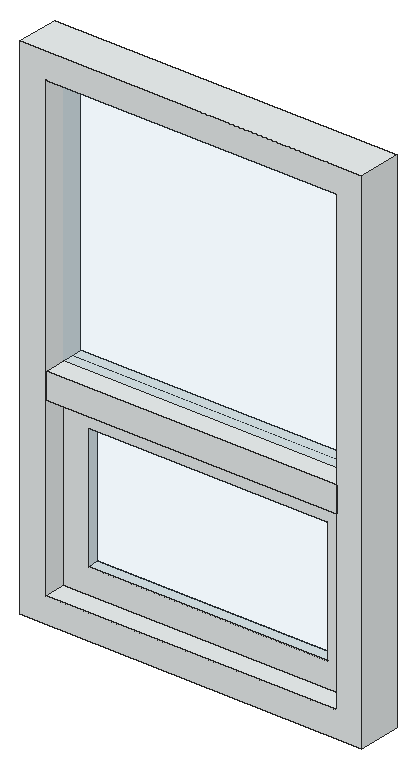
Revit family
Parameters (values of type "AW-2")
  Assembly Code = ""
  Height = 1200 mm
  기본 씰 높이 = 1000 mm
  Wall Closure = (empty or 0)
  Width = 800 mm
Reference planes
  plane 1: y = 0
  plane 2 "중심(왼쪽/오른쪽)": x = 0
  plane 3 "좌측면": x = -400
  plane 4 "우측면": x = 400
  plane 5 "씰": z = 1000
  plane 6 "헤드": z = 2200
  plane 7 "외부": y = 75
  plane 8 "내부": y = -75
  plane 9 "중앙선": y = 0
  plane 10 "중앙오른쪽": x = 20
  plane 11 "중앙왼쪽": x = -20
  plane 12 "왼쪽 유리면": y = -10
  plane 13 "오른쪽유리면": y = 30
  plane 14: x = 0
Forms (mm)
  Sweep 1, solid, material "창문틀"
    path origin (0, 0, 0) x (1, 0, 0) y (0, 0, 1)
      loop
        line (400, 2200) -> (-400, 2200) -> (-400, 1000) -> (400, 1000) -> (400, 2200)
    profile origin (0, 0, 2200) x (0, 0, -1) y (0, -1, 0)
      loop
        line (0, -25) -> (60, -25) -> (60, 75) -> (0, 75) -> (0, -25)
  Extrusion 2, solid, material "창문틀"
    sketch origin (0, -75, -130) x (1, 0, 0) y (0, 0, 1)
      loop
        line (-340, 1660) -> (-340, 1600) -> (340, 1600) -> (340, 1660) -> (-340, 1660)
    from 0 to -100
  Extrusion 3, solid, material "창문틀"
    sketch origin (0, -75, 0) x (1, 0, 0) y (0, 0, 1)
      loop
        line (-340, 1470) -> (-340, 1060) -> (340, 1060) -> (340, 1470) -> (-340, 1470)
      loop
        line (-280, 1410) -> (-280, 1120) -> (280, 1120) -> (280, 1410) -> (-280, 1410)
    from -50 to -75
  Extrusion 4, solid, material "유리"
    sketch origin (0, -75, 0) x (1, 0, 0) y (0, 0, 1)
      loop
        line (-340, 2140) -> (-340, 1530) -> (340, 1530) -> (340, 2140) -> (-340, 2140)
      loop
        line (-280, 1410) -> (-280, 1120) -> (280, 1120) -> (280, 1410) -> (-280, 1410)
    from -50 to -75
Lines and regions (mm)
  Opening 1
    outline origin (3500, -75, 0) x (1, 0, 0) y (0, 0, 1)
      loop
        line (-3100, 1000) -> (-3100, 2200) -> (-3900, 2200) -> (-3900, 1000) -> (-3100, 1000)
  symbolic lines, style "Windows"
    curve 1: line (-400, -75, 0) -> (-350, -75, 0)
    curve 2: line (-400, 25, 0) -> (-400, -75, 0)
    curve 3: line (-350, 25, 0) -> (-400, 25, 0)
    curve 4: line (-350, -75, 0) -> (-350, 25, 0)
    curve 5: line (400, -75, 0) -> (350, -75, 0)
    curve 6: line (400, 25, 0) -> (400, -75, 0)
    curve 7: line (350, 25, 0) -> (400, 25, 0)
    curve 8: line (350, -75, 0) -> (350, 25, 0)
    curve 9: line (-350, 25, 0) -> (350, 25, 0)
    curve 10: line (350, -75, 0) -> (-350, -75, 0)
    curve 11: line (350, -25, 0) -> (-350, -25, 0)
    curve 12: line (0, 0, 1410) -> (280, 0, 1120)
    curve 13: line (-280, 0, 1120) -> (0, 0, 1410)
Text (mm)
  text "외부" at (-1963.203, 1332.353, 0), in view "참조 레벨"
  text "내부" at (-1981.466, -818.386, 0), in view "참조 레벨"
  text "외부" at (0, 923.751, 2943.296), in view "우측면"
  text "외부" at (0, 1040.484, 2685.409), in view "좌측면"
Dimensions and locks
  equal spacing: plane 3 "좌측면", plane 2 "중심(왼쪽/오른쪽)", plane 4 "우측면"
  "Width": plane 3 "좌측면" to plane 4 "우측면"
  "Height": plane 5 "씰" to plane 6 "헤드"
  "기본 씰 높이": plane 5 "씰" to level
  locked: plane 7 "외부" to host wall at 0
  locked: plane 8 "내부" to host wall
  curve 11 to Sweep 1 = 50 mm
  curve 3 to curve 1 = 100 mm
  Sweep 1 to Extrusion 2 to Extrusion 2 to Extrusion 4 to Extrusion 4 to Sweep 1 to Sweep 1 = 610 mm, 60 mm, 60 mm, 290 mm, 60 mm, 60 mm
  aligned and locked: Sweep 1 sketch curve to plane 8 "내부"
  aligned and locked: plane 14 to plane 2 "중심(왼쪽/오른쪽)"
  aligned: Extrusion 4 to Extrusion 2
  aligned: Sweep 1 to Extrusion 2
  aligned: host wall to Extrusion 2
Automatic sketch dimensions
  Opening 1 sketch curve to plane 3 "좌측면" = 0 mm
  Opening 1 sketch curve to plane 4 "우측면" = 0 mm
  Opening 1 sketch curve to plane 5 "씰" = 0 mm
  Opening 1 sketch curve to plane 6 "헤드" = 0 mm
  Sweep 1 sketch curve to profile plane = 0 mm
  Sweep 1 sketch curve to profile plane = 60 mm
  Extrusion 3 sketch curve to plane 3 "좌측면" = 60 mm
  Extrusion 3 sketch curve to Extrusion 3 sketch curve = 60 mm  (x3)
  plane 4 "우측면" to Extrusion 3 sketch curve = 120 mm
  plane 4 "우측면" to Extrusion 3 sketch curve = 60 mm
  Extrusion 3 sketch curve to plane 5 "씰" = 60 mm
  Extrusion 3 sketch curve to Extrusion 3 sketch curve = 290 mm
  Sweep 1 sketch curve to plane 9 "중앙선" = 25 mm
  curve 1 to host wall = 0 mm
  curve 1 to plane 3 "좌측면" = 0 mm
  curve 6 to plane 4 "우측면" = 0 mm
  curve 4 to plane 3 "좌측면" = 50 mm
  plane 4 "우측면" to curve 5 = 50 mm
  Sweep 1 sketch curve to plane 3 "좌측면" = 0 mm
  Sweep 1 sketch curve to plane 4 "우측면" = 0 mm
  Sweep 1 sketch curve to plane 5 "씰" = 0 mm
  Sweep 1 sketch curve to plane 6 "헤드" = 0 mm
  Extrusion 4 sketch curve to plane 3 "좌측면" = 60 mm
  Extrusion 4 sketch curve to plane 3 "좌측면" = 120 mm
  plane 4 "우측면" to Extrusion 4 sketch curve = 120 mm
  plane 4 "우측면" to Extrusion 4 sketch curve = 60 mm
  Extrusion 4 sketch curve to plane 5 "씰" = 120 mm
  Extrusion 4 sketch curve to Extrusion 4 sketch curve = 290 mm
  Extrusion 4 sketch curve to Extrusion 4 sketch curve = 120 mm
  plane 6 "헤드" to Extrusion 4 sketch curve = 60 mm
  Extrusion 2 sketch curve to plane 3 "좌측면" = 60 mm
  plane 4 "우측면" to Extrusion 2 sketch curve = 60 mm
  Extrusion 2 sketch curve to plane 5 "씰" = 470 mm
  Extrusion 2 sketch curve to Extrusion 2 sketch curve = 60 mm
  curve 13 to Extrusion 4 = 0 mm  (x3)
  curve 12 to Extrusion 4 = 0 mm  (x2)
  Extrusion 4 to curve 13 = 280 mm
